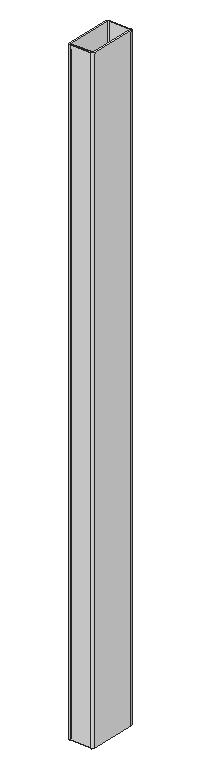
Revit family "CVR-Corte vazado retangular-Coluna", category Pilares estruturais, Revit 2019
Family settings
  Forma do corte = Não definido
  Material para o comportamento do modelo = Aço
  Exportar sempre como geometria = Não
  Redução da viga na planta = Da caixa de vinculação
  Número OmniClass = 23.25.30.11.14.11
  Título OmniClass = Columns
  ID de item do Seek = RHS-Rectangular Hollow Section-Column-0000-CAN-ENU
  Corte com vazios quando carregada = Não
  Representação simbólica = Das configurações de projeto
  Compartilhado = Não
  Exibir o pré-corte da família na vista da planta = Sim
Parameters (values of type "200x100x5.0RHS")
  W = 0
  Structural Material [instance] = Aço, 45-345
  Ix = 0
  M = 22.6
  Zx = 0
  b = 100 mm
  h = 200 mm
  tr = 2 * t  # 10 mm
  t = 5 mm
  A = 28.70 m²
Reference planes
  plane 1 "Centro (Frente/Trás)": y = 0
  plane 2: z = 0
  plane 3 "Centro (Esquerda/Direita)": x = 0
  plane 4: x = -50
  plane 5: x = 50
  plane 6: y = 100
  plane 7: y = -100
  plane 8: x = -40
  plane 9: y = -90
  plane 10: y = 90
  plane 11: x = 40
Forms (mm)
  Extrusion 1, solid, material "Aço, 45-345" <- "Structural Material", detail levels medium
    sketch origin (0, 0, 0) x (1, 0, 0) y (0, 1, 0)
      loop
        line (-50, 100) -> (-50, -100) -> (50, -100) -> (50, 100) -> (-50, 100)
      loop
        line (-45, 95) -> (-45, -95) -> (45, -95) -> (45, 95) -> (-45, 95)
    from 0 to 2500
  Extrusion 2, solid, material "Aço, 45-345" <- "Structural Material", detail levels fine
    sketch origin (0, 0, 0) x (1, 0, 0) y (0, 1, 0)
      loop
        arc (-40, 100) -> (-47.071, 97.071) -> (-50, 90) r 10
        line (-50, 90) -> (-50, -90)
        arc (-50, -90) -> (-47.071, -97.071) -> (-40, -100) r 10
        line (-40, -100) -> (40, -100)
        arc (40, -100) -> (47.071, -97.071) -> (50, -90) r 10
        line (50, -90) -> (50, 90)
        arc (50, 90) -> (47.071, 97.071) -> (40, 100) r 10
        line (40, 100) -> (-40, 100)
      loop
        arc (-40, 95) -> (-43.536, 93.536) -> (-45, 90) r 5
        line (-45, 90) -> (-45, -90)
        arc (-45, -90) -> (-43.536, -93.536) -> (-40, -95) r 5
        line (-40, -95) -> (40, -95)
        arc (40, -95) -> (43.536, -93.536) -> (45, -90) r 5
        line (45, -90) -> (45, 90)
        arc (45, 90) -> (43.536, 93.536) -> (40, 95) r 5
        line (40, 95) -> (-40, 95)
    from 0 to 2500
Lines and regions (mm)
  symbolic lines, style "StructuralColumnStickSymbols", detail levels coarse
    curve 1: line (-50, 100, 0) -> (50, 100, 0)
    curve 2: line (-50, -100, 0) -> (50, -100, 0)
    curve 5: line (-50, 100, 0) -> (-50, -100, 0)
    curve 6: line (50, 100, 0) -> (50, -100, 0)
  symbolic lines, style "Faces ocultas", detail levels medium+fine
    curve 3: line (-45, 0, 0) -> (-45, 0, 2500)
    curve 4: line (45, 0, 2500) -> (45, 0, 0)
Dimensions and locks
  equal spacing: plane 4, plane 3 "Centro (Esquerda/Direita)", plane 5
  equal spacing: plane 7, plane 1 "Centro (Frente/Trás)", plane 6
  "h": plane 7 to plane 6
  "b": plane 4 to plane 5
  "t": Extrusion 1 sketch curve to plane 5
  "t": plane 4 to Extrusion 1 sketch curve
  "t": Extrusion 1 sketch curve to plane 6
  "t": Extrusion 1 sketch curve to plane 7
  "t": Extrusion 2 sketch curve to plane 6
  "t": Extrusion 2 sketch curve to plane 5
  "t": plane 4 to Extrusion 2 sketch curve
  "t": Extrusion 2 sketch curve to plane 7
  "tr": plane 10 to plane 6
  "tr": plane 7 to plane 9
  "tr": plane 11 to plane 5
  "tr": plane 4 to plane 8
  aligned and locked: plane 6 to Extrusion 1 sketch curve
  aligned and locked: Extrusion 1 sketch curve to plane 7
  aligned and locked: Extrusion 1 sketch curve to plane 4
  aligned and locked: plane 5 to Extrusion 1 sketch curve
  aligned and locked: level to Extrusion 1
  aligned and locked: level to plane 2
  aligned and locked: Extrusion 1 to plane 2
  aligned and locked: curve 1 to Extrusion 2 sketch curve
  aligned and locked: Extrusion 2 sketch curve to Extrusion 1
  aligned and locked: level to Extrusion 2
  aligned and locked: curve 4 to Extrusion 2
  aligned and locked: curve 3 to Extrusion 2
Automatic sketch dimensions
  Extrusion 2 sketch curve to plane 8 = 0 mm  (x4)
  Extrusion 2 sketch curve to plane 7 = 0 mm
  Extrusion 2 sketch curve to plane 11 = 0 mm
  Extrusion 2 sketch curve to plane 10 = 0 mm  (x2)
  Extrusion 2 sketch curve to plane 9 = 0 mm  (x2)
  curve 3 to level = 0 mm  (x2)
  curve 4 to level = 0 mm  (x2)
  curve 5 to plane 4 = 0 mm
  curve 2 to plane 5 = 0 mm
  curve 5 to plane 7 = 0 mm
  curve 5 to plane 6 = 0 mm
Types in the file's own list only (125): name | Ix | M | Zx | b | h | tr | t | A
  50x30x2.5RHS | 11.8 | 2.89 | 4.73 | 30 mm | 50 mm | 5 mm | 3 mm | 0.00 m²
  50x30x3RHS | 13.6 | 3.41 | 5.43 | 30 mm | 50 mm | 6 mm | 3 mm | 0.00 m²
  50x30x3.2RHS | 14.2 | 3.61 | 5.68 | 30 mm | 50 mm | 6 mm | 3 mm | 0.00 m²
  50x30x3.6RHS | 15.4 | 4.01 | 6.16 | 30 mm | 50 mm | 7 mm | 4 mm | 0.00 m²
  50x30x4RHS | 16.5 | 4.39 | 6.6 | 30 mm | 50 mm | 8 mm | 4 mm | 0.00 m²
  50x30x5RHS | 18.7 | 5.28 | 7.49 | 30 mm | 50 mm | 10 mm | 5 mm | 0.00 m²
  60x40x2.5RHS | 22.8 | 3.68 | 7.61 | 40 mm | 60 mm | 5 mm | 3 mm | 0.00 m²
  60x40x3RHS | 26.5 | 4.35 | 8.82 | 40 mm | 60 mm | 6 mm | 3 mm | 0.00 m²
  60x40x3.2RHS | 27.8 | 4.62 | 9.27 | 40 mm | 60 mm | 6 mm | 3 mm | 0.00 m²
  60x40x3.6RHS | 30.4 | 5.14 | 10.1 | 40 mm | 60 mm | 7 mm | 4 mm | 0.00 m²
  60x40x4RHS | 32.8 | 5.64 | 10.9 | 40 mm | 60 mm | 8 mm | 4 mm | 0.00 m²
  60x40x5RHS | 38.1 | 6.85 | 12.7 | 40 mm | 60 mm | 10 mm | 5 mm | 0.00 m²
  60x40x6RHS | 42.3 | 7.99 | 14.1 | 40 mm | 60 mm | 12 mm | 6 mm | 0.00 m²
  60x40x6.3RHS | 43.4 | 8.31 | 14.5 | 40 mm | 60 mm | 13 mm | 6 mm | 0.00 m²
  80x40x3RHS | 54.2 | 5.29 | 13.6 | 40 mm | 80 mm | 6 mm | 3 mm | 0.00 m²
  80x40x3.2RHS | 57.2 | 5.62 | 14.3 | 40 mm | 80 mm | 6 mm | 3 mm | 0.00 m²
  80x40x3.6RHS | 62.8 | 6.27 | 15.7 | 40 mm | 80 mm | 7 mm | 4 mm | 0.00 m²
  80x40x4RHS | 68.2 | 6.9 | 17.1 | 40 mm | 80 mm | 8 mm | 4 mm | 0.00 m²
  80x40x5RHS | 80.3 | 8.42 | 20.1 | 40 mm | 80 mm | 10 mm | 5 mm | 0.00 m²
  80x40x6RHS | 90.5 | 9.87 | 22.6 | 40 mm | 80 mm | 12 mm | 6 mm | 0.00 m²
  80x40x6.3RHS | 93.3 | 10.3 | 23.3 | 40 mm | 80 mm | 13 mm | 6 mm | 0.00 m²
  80x40x8RHS | 106 | 12.5 | 26.5 | 40 mm | 80 mm | 16 mm | 8 mm | 0.00 m²
  76.2x50.8x3RHS | 56.7 | 5.62 | 14.9 | 51 mm | 76 mm | 6 mm | 3 mm | 0.00 m²
  76.2x50.8x3.2RHS | 59.8 | 5.97 | 15.7 | 51 mm | 76 mm | 6 mm | 3 mm | 0.00 m²
  76.2x50.8x3.6RHS | 65.8 | 6.66 | 17.3 | 51 mm | 76 mm | 7 mm | 4 mm | 0.00 m²
  76.2x50.8x4RHS | 71.5 | 7.34 | 18.8 | 51 mm | 76 mm | 8 mm | 4 mm | 0.00 m²
  76.2x50.8x5RHS | 84.4 | 8.97 | 22.2 | 51 mm | 76 mm | 10 mm | 5 mm | 0.00 m²
  76.2x50.8x6RHS | 95.6 | 10.5 | 25.1 | 51 mm | 76 mm | 12 mm | 6 mm | 0.00 m²
  76.2x50.8x6.3RHS | 98.6 | 11 | 25.9 | 51 mm | 76 mm | 13 mm | 6 mm | 0.00 m²
  76.2x50.8x8RHS | 113 | 13.4 | 29.6 | 51 mm | 76 mm | 16 mm | 8 mm | 0.00 m²
  90x50x3RHS | 84.4 | 6.24 | 18.8 | 50 mm | 90 mm | 6 mm | 3 mm | 0.00 m²
  90x50x3.2RHS | 89.1 | 6.63 | 19.8 | 50 mm | 90 mm | 6 mm | 3 mm | 0.00 m²
  90x50x3.6RHS | 98.3 | 7.4 | 21.8 | 50 mm | 90 mm | 7 mm | 4 mm | 0.00 m²
  90x50x4RHS | 107 | 8.15 | 23.8 | 50 mm | 90 mm | 8 mm | 4 mm | 0.00 m²
  90x50x5RHS | 127 | 9.99 | 28.3 | 50 mm | 90 mm | 10 mm | 5 mm | 0.00 m²
  90x50x6RHS | 145 | 11.8 | 32.2 | 50 mm | 90 mm | 12 mm | 6 mm | 0.00 m²
  90x50x6.3RHS | 150 | 12.3 | 33.3 | 50 mm | 90 mm | 13 mm | 6 mm | 0.00 m²
  90x50x8RHS | 174 | 15 | 38.6 | 50 mm | 90 mm | 16 mm | 8 mm | 0.00 m²
  100x50x3RHS | 110 | 6.71 | 21.9 | 50 mm | 100 mm | 6 mm | 3 mm | 0.00 m²
  100x50x3.2RHS | 116 | 7.13 | 23.2 | 50 mm | 100 mm | 6 mm | 3 mm | 0.00 m²
  100x50x3.6RHS | 128 | 7.96 | 25.6 | 50 mm | 100 mm | 7 mm | 4 mm | 0.00 m²
  100x50x4RHS | 140 | 8.78 | 27.9 | 50 mm | 100 mm | 8 mm | 4 mm | 0.00 m²
  100x50x5RHS | 167 | 10.8 | 33.3 | 50 mm | 100 mm | 10 mm | 5 mm | 0.00 m²
  100x50x6RHS | 190 | 12.7 | 38.1 | 50 mm | 100 mm | 12 mm | 6 mm | 0.00 m²
  100x50x6.3RHS | 197 | 13.3 | 39.4 | 50 mm | 100 mm | 13 mm | 6 mm | 0.00 m²
  100x50x8RHS | 230 | 16.3 | 46 | 50 mm | 100 mm | 16 mm | 8 mm | 0.00 m²
  100x60x3RHS | 124 | 7.18 | 24.7 | 60 mm | 100 mm | 6 mm | 3 mm | 0.00 m²
  100x60x3.2RHS | 131 | 7.63 | 26.2 | 60 mm | 100 mm | 6 mm | 3 mm | 0.00 m²
  100x60x3.6RHS | 145 | 8.53 | 28.9 | 60 mm | 100 mm | 7 mm | 4 mm | 0.00 m²
  100x60x4RHS | 158 | 9.41 | 31.6 | 60 mm | 100 mm | 8 mm | 4 mm | 0.00 m²
  100x60x5RHS | 189 | 11.6 | 37.8 | 60 mm | 100 mm | 10 mm | 5 mm | 0.00 m²
  100x60x6RHS | 217 | 13.6 | 43.4 | 60 mm | 100 mm | 12 mm | 6 mm | 0.00 m²
  100x60x6.3RHS | 225 | 14.2 | 45 | 60 mm | 100 mm | 13 mm | 6 mm | 0.00 m²
  100x60x8RHS | 264 | 17.5 | 52.8 | 60 mm | 100 mm | 16 mm | 8 mm | 0.00 m²
  120x60x3.6RHS | 227 | 9.66 | 37.9 | 60 mm | 120 mm | 7 mm | 4 mm | 0.00 m²
  120x60x4RHS | 249 | 10.7 | 41.5 | 60 mm | 120 mm | 8 mm | 4 mm | 0.00 m²
  120x60x5RHS | 299 | 13.1 | 49.9 | 60 mm | 120 mm | 10 mm | 5 mm | 0.00 m²
  120x60x6RHS | 345 | 15.5 | 57.5 | 60 mm | 120 mm | 12 mm | 6 mm | 0.00 m²
  120x60x6.3RHS | 358 | 16.2 | 59.7 | 60 mm | 120 mm | 13 mm | 6 mm | 0.00 m²
  120x60x8RHS | 425 | 20.1 | 70.8 | 60 mm | 120 mm | 16 mm | 8 mm | 0.00 m²
  120x80x3.6RHS | 276 | 10.8 | 46 | 80 mm | 120 mm | 7 mm | 4 mm | 0.00 m²
  120x80x4RHS | 303 | 11.9 | 50.4 | 80 mm | 120 mm | 8 mm | 4 mm | 0.00 m²
  120x80x5RHS | 365 | 14.7 | 60.9 | 80 mm | 120 mm | 10 mm | 5 mm | 0.00 m²
  120x80x6RHS | 423 | 17.4 | 70.6 | 80 mm | 120 mm | 12 mm | 6 mm | 0.00 m²
  120x80x6.3RHS | 440 | 18.2 | 73.3 | 80 mm | 120 mm | 13 mm | 6 mm | 0.00 m²
  120x80x8RHS | 525 | 22.6 | 87.5 | 80 mm | 120 mm | 16 mm | 8 mm | 0.00 m²
  120x80x10RHS | 609 | 27.4 | 102 | 80 mm | 120 mm | 20 mm | 10 mm | 0.00 m²
  150x100x4RHS | 607 | 15.1 | 81 | 100 mm | 150 mm | 8 mm | 4 mm | 0.00 m²
  150x100x5RHS | 739 | 18.6 | 98.5 | 100 mm | 150 mm | 10 mm | 5 mm | 0.00 m²
  150x100x6RHS | 862 | 22.1 | 115 | 100 mm | 150 mm | 12 mm | 6 mm | 0.00 m²
  150x100x6.3RHS | 898 | 23.1 | 120 | 100 mm | 150 mm | 13 mm | 6 mm | 0.00 m²
  150x100x8RHS | 1087 | 28.9 | 145 | 100 mm | 150 mm | 16 mm | 8 mm | 0.00 m²
  150x100x10RHS | 1282 | 35.3 | 171 | 100 mm | 150 mm | 20 mm | 10 mm | 0.00 m²
  150x100x12RHS | 1450 | 41.4 | 193 | 100 mm | 150 mm | 24 mm | 12 mm | 0.01 m²
  150x100x12.5RHS | 1488 | 42.8 | 198 | 100 mm | 150 mm | 25 mm | 13 mm | 0.01 m²
  160x80x4RHS | 612 | 14.4 | 76.5 | 80 mm | 160 mm | 8 mm | 4 mm | 0.00 m²
  160x80x5RHS | 744 | 17.8 | 93 | 80 mm | 160 mm | 10 mm | 5 mm | 0.00 m²
  160x80x6RHS | 868 | 21.2 | 108 | 80 mm | 160 mm | 12 mm | 6 mm | 0.00 m²
  160x80x6.3RHS | 903 | 22.2 | 113 | 80 mm | 160 mm | 13 mm | 6 mm | 0.00 m²
  160x80x8RHS | 1091 | 27.6 | 136 | 80 mm | 160 mm | 16 mm | 8 mm | 0.00 m²
  160x80x10RHS | 1284 | 33.7 | 161 | 80 mm | 160 mm | 20 mm | 10 mm | 0.00 m²
  160x80x12RHS | 1449 | 39.5 | 181 | 80 mm | 160 mm | 24 mm | 12 mm | 0.01 m²
  160x80x12.5RHS | 1485 | 40.9 | 186 | 80 mm | 160 mm | 25 mm | 13 mm | 0.01 m²
  200x100x5RHS | 1495 | 22.6 | 149 | 100 mm | 200 mm | 10 mm | 5 mm | 0.00 m²
  200x100x6RHS | 1754 | 26.8 | 175 | 100 mm | 200 mm | 12 mm | 6 mm | 0.00 m²
  200x100x6.3RHS | 1829 | 28.1 | 183 | 100 mm | 200 mm | 13 mm | 6 mm | 0.00 m²
  200x100x8RHS | 2234 | 35.1 | 223 | 100 mm | 200 mm | 16 mm | 8 mm | 0.00 m²
  200x100x10RHS | 2664 | 43.1 | 266 | 100 mm | 200 mm | 20 mm | 10 mm | 0.01 m²
  200x100x12RHS | 3047 | 50.8 | 305 | 100 mm | 200 mm | 24 mm | 12 mm | 0.01 m²
  200x100x12.5RHS | 3136 | 52.7 | 314 | 100 mm | 200 mm | 25 mm | 13 mm | 0.01 m²
  200x100x16RHS | 3678 | 65.2 | 368 | 100 mm | 200 mm | 32 mm | 16 mm | 0.01 m²
  250x150x5RHS | 3360 | 30.4 | 269 | 150 mm | 250 mm | 10 mm | 5 mm | 0.00 m²
  250x150x6RHS | 3965 | 36.2 | 317 | 150 mm | 250 mm | 12 mm | 6 mm | 0.00 m²
  250x150x6.3RHS | 4143 | 38 | 331 | 150 mm | 250 mm | 13 mm | 6 mm | 0.00 m²
  250x150x8RHS | 5111 | 47.7 | 409 | 150 mm | 250 mm | 16 mm | 8 mm | 0.01 m²
  250x150x10RHS | 6174 | 58.8 | 494 | 150 mm | 250 mm | 20 mm | 10 mm | 0.01 m²
  250x150x12RHS | 7154 | 69.6 | 572 | 150 mm | 250 mm | 24 mm | 12 mm | 0.01 m²
  250x150x12.5RHS | 7387 | 72.3 | 591 | 150 mm | 250 mm | 25 mm | 13 mm | 0.01 m²
  250x150x16RHS | 8879 | 90.3 | 710 | 150 mm | 250 mm | 32 mm | 16 mm | 0.01 m²
  300x200x5RHS | 6322 | 38.3 | 421 | 200 mm | 300 mm | 10 mm | 5 mm | 0.00 m²
  300x200x6RHS | 7486 | 45.7 | 499 | 200 mm | 300 mm | 12 mm | 6 mm | 0.01 m²
  300x200x6.3RHS | 7829 | 47.9 | 522 | 200 mm | 300 mm | 13 mm | 6 mm | 0.01 m²
  300x200x8RHS | 9717 | 60.3 | 648 | 200 mm | 300 mm | 16 mm | 8 mm | 0.01 m²
  300x200x10RHS | 11820 | 74.5 | 788 | 200 mm | 300 mm | 20 mm | 10 mm | 0.01 m²
  300x200x12RHS | 13800 | 88.5 | 920 | 200 mm | 300 mm | 24 mm | 12 mm | 0.01 m²
  300x200x12.5RHS | 14270 | 91.9 | 952 | 200 mm | 300 mm | 25 mm | 13 mm | 0.01 m²
  300x200x16RHS | 17390 | 115 | 1159 | 200 mm | 300 mm | 32 mm | 16 mm | 0.01 m²
  400x200x6RHS | 15000 | 55.1 | 750 | 200 mm | 400 mm | 12 mm | 6 mm | 0.01 m²
  400x200x6.3RHS | 15700 | 57.8 | 785 | 200 mm | 400 mm | 13 mm | 6 mm | 0.01 m²
  400x200x8RHS | 19560 | 72.8 | 978 | 200 mm | 400 mm | 16 mm | 8 mm | 0.01 m²
  400x200x10RHS | 23910 | 90.2 | 1196 | 200 mm | 400 mm | 20 mm | 10 mm | 0.01 m²
  400x200x12RHS | 28060 | 107 | 1403 | 200 mm | 400 mm | 24 mm | 12 mm | 0.01 m²
  400x200x12.5RHS | 29060 | 112 | 1453 | 200 mm | 400 mm | 25 mm | 13 mm | 0.01 m²
  400x200x16RHS | 35740 | 141 | 1787 | 200 mm | 400 mm | 32 mm | 16 mm | 0.02 m²
  450x250x8RHS | 30080 | 85.4 | 1337 | 250 mm | 450 mm | 16 mm | 8 mm | 0.01 m²
  450x250x10RHS | 36890 | 106 | 1640 | 250 mm | 450 mm | 20 mm | 10 mm | 0.01 m²
  450x250x12RHS | 43430 | 126 | 1930 | 250 mm | 450 mm | 24 mm | 12 mm | 0.02 m²
  450x250x12.5RHS | 45030 | 131 | 2001 | 250 mm | 450 mm | 25 mm | 13 mm | 0.02 m²
  450x250x16RHS | 55710 | 166 | 2476 | 250 mm | 450 mm | 32 mm | 16 mm | 0.02 m²
  500x300x8RHS | 43730 | 97.9 | 1749 | 300 mm | 500 mm | 16 mm | 8 mm | 0.01 m²
  500x300x10RHS | 53760 | 122 | 2150 | 300 mm | 500 mm | 20 mm | 10 mm | 0.02 m²
  500x300x12RHS | 63450 | 145 | 2538 | 300 mm | 500 mm | 24 mm | 12 mm | 0.02 m²
  500x300x12.5RHS | 65810 | 151 | 2633 | 300 mm | 500 mm | 25 mm | 13 mm | 0.02 m²
  500x300x16RHS | 81780 | 191 | 3271 | 300 mm | 500 mm | 32 mm | 16 mm | 0.02 m²
  500x300x20RHS | 98780 | 235 | 3951 | 300 mm | 500 mm | 40 mm | 20 mm | 0.03 m²
